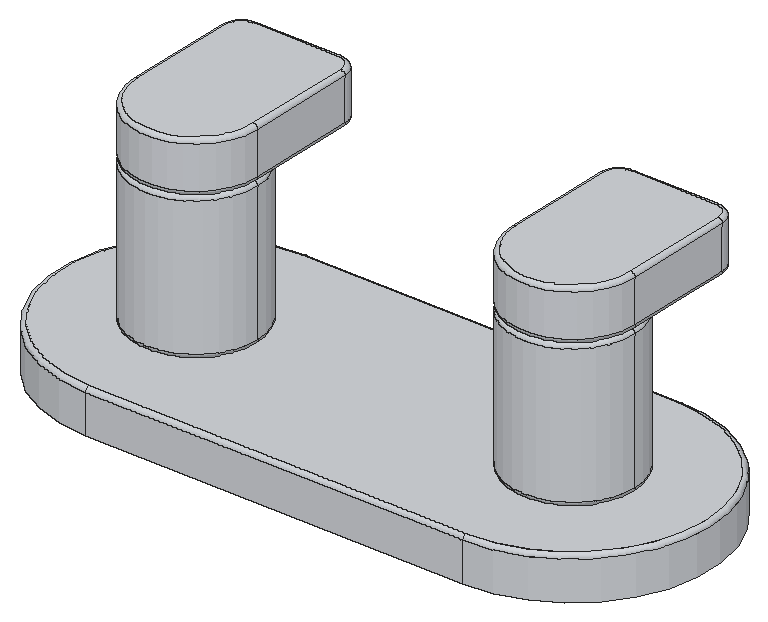
Revit family "Accessory-Robe_Hook-KOHLER-Composed-K-73146", category Specialty Equipment, host Face, Revit 2015
Parameters (values of type "CP-Polished Chrome")
  Width = 1 3/4"  # constant formula
  URL = "https://www.us.kohler.com/us/"
  Type = 1
  Product Page URL = "http://www.us.kohler.com/us/catalog/productDetails.jsp?productNumber=73146"
  Product Name = "Composed"  # constant formula
  Product Documentation Link = "http://www.us.kohler.com/onlinecatalog/pdf/K-73146_spec.pdf"
  Model = if(Type = 1, "K-73146-CP", if(Type = 2, "K-73146-TT", "NA"))  # "K-73146-CP"
  Material = "Premium Metal Construction"  # constant formula
  MasterFormat 2004 = "10.28.13"  # constant formula
  MasterFormat 1995 = "10820"  # constant formula
  Manufacturer Address = "444 Highland Dr, Kohler, WI 53044"  # constant formula
  Manufacturer = "KOHLER Co."  # constant formula
  Length = 4 3/4"  # constant formula
  Height = 2"  # constant formula
  Finish = Kohler-Metal-CP-Polished_Chrome
  Environmental Product Declaration = ""
  Description = "Double robe hook"  # constant formula
  Default Elevation = 42"
  Declare Label = ""
  Date Modified = "08/29/2018"  # constant formula
  Date Created = "08/29/2018"  # constant formula
  Copyright = "Copyright KOHLER Co."  # constant formula
  Contact Us = "https://www.us.kohler.com/us/static/contact.jsp"
  Assembly Code = "C1030200"
  ADA Compliant = 1 = 0  # no
Types (3): name | Type | Model | Finish
  (no name) | 1 | "K-73146-CP" | Kohler-Metal-CP-Polished_Chrome
  CP-Polished Chrome | 1 | "K-73146-CP" | Kohler-Metal-CP-Polished_Chrome
  TT-Titanium | 2 | "K-73146-TT" | Kohler-Metal-TT-Vibrant_Titanium
Reference planes (in)
  plane 1 "Center (Front/Back)": y = 0
  plane 2: z = 0
  plane 3 "Center (Left/Right)": x = 0
  plane 4: y = 1
  plane 5: y = -1
  plane 6: x = 2.37503
  plane 7: x = -2.37497
  plane 8: z = 1.75
Dimensions and locks (in)
  "Length": plane 7 to plane 6
  "Height": plane 5 to plane 4
  "Width": plane 2 to plane 8
  aligned and locked: plane 2 to host face
  aligned and locked: level to host face
Automatic sketch dimensions
  host sketch curve to host sketch curve = 96"  (x2)
Nested families (in)
  nested 1: "K-73146" at (0, 0, 0), type "K-73146"
Definition of nested family "K-73146"
  Parameters (values of type "K-73146")
    Material = none
  Reference planes (in)
    plane 1 "Center (Front/Back)": y = 0
    plane 2: z = 0
    plane 3 "Center (Left/Right)": x = 0
    plane 4: y = 1
    plane 5: y = -1
    plane 6: x = -2.375
    plane 7: x = 2.375
    plane 8: z = 1.75
  Forms (in)
    Sweep 1, solid, material <- "Material", detail levels medium+fine
      path origin (0, 0, 0) x (1, 0, 0) y (0, 1, 0)
        loop
          line (1.37503, 1) -> (-1.37503, 1)
          arc (-1.37503, 1) -> (-2.37503, 0) -> (-1.37503, -1) r 1
          line (-1.37503, -1) -> (1.37503, -1)
          arc (1.37503, -1) -> (2.37503, 0) -> (1.37503, 1) r 1
      profile origin (0, 1, 0) x (0, -1, 0) y (0, 0, 1)
        loop
          line (0.1605, 0) -> (0.1605, 0.31496) -> (0.03109, 0.31496)
          arc (0.03109, 0.31496) -> (0.00911, 0.30585) -> (0, 0.28387) r 0.03109
          line (0, 0.28387) -> (0, 0) -> (0.1605, 0)
    Extrusion 2, solid, material <- "Material", detail levels medium+fine
      sketch origin (0, 0, 0) x (1, 0, 0) y (0, 1, 0)
        loop
          arc (-1.37503, 0.8395) -> (-2.21453, 0) -> (-1.37503, -0.8395) r 0.8395
          line (-1.37503, -0.8395) -> (1.37503, -0.8395)
          arc (1.37503, -0.8395) -> (2.21453, 0) -> (1.37503, 0.8395) r 0.8395
          line (1.37503, 0.8395) -> (-1.37503, 0.8395)
      from 0 to 0.31496
    Revolve 3, solid, material <- "Material", detail levels medium+fine
      sketch origin (0, 0, 0) x (1, 0, 0) y (0, 0, 1)
        loop
          line (-1.37598, 1.37992) -> (-1.79556, 1.37992)
          arc (-1.79556, 1.37992) -> (-1.81763, 1.37078) -> (-1.82677, 1.34871) r 0.03121
          line (-1.82677, 1.34871) -> (-1.82677, 0.34643)
          arc (-1.82677, 0.34643) -> (-1.81756, 0.32418) -> (-1.79531, 0.31496) r 0.03147
          line (-1.79531, 0.31496) -> (-1.37598, 0.31496) -> (-1.37598, 1.37992)
        axis (-1.37598, 1.37992) -> (-1.37598, 0.31496)
      angle from 0 to 360
    Revolve 4, solid, material <- "Material", detail levels medium+fine
      sketch origin (0, 0, 0) x (1, 0, 0) y (0, 0, 1)
        loop
          line (1.37598, 1.37992) -> (0.95641, 1.37992)
          arc (0.95641, 1.37992) -> (0.93434, 1.37078) -> (0.9252, 1.34871) r 0.03121
          line (0.9252, 1.34871) -> (0.9252, 0.34643)
          arc (0.9252, 0.34643) -> (0.93441, 0.32418) -> (0.95666, 0.31496) r 0.03147
          line (0.95666, 0.31496) -> (1.37598, 0.31496) -> (1.37598, 1.37992)
        axis (1.37598, 1.37992) -> (1.37598, 0.31496)
      angle from 0 to 360
    Sweep 5, solid, material <- "Material", detail levels medium+fine
      path origin (0, 0, 0) x (-1, 0, 0) y (0, 1, 0)
        loop
          line (-1.82677, 0.79552) -> (-1.82677, -0.00029)
          arc (-1.82677, -0.00029) -> (-1.37598, -0.45107) -> (-0.9252, -0.00029) r 0.45079
          line (-0.9252, -0.00029) -> (-0.9252, 0.79644)
          arc (-0.9252, 0.79644) -> (-0.96867, 0.90141) -> (-1.07363, 0.94488) r 0.14844
          line (-1.07363, 0.94488) -> (-1.67741, 0.94488)
          arc (-1.67741, 0.94488) -> (-1.78302, 0.90114) -> (-1.82677, 0.79552) r 0.14936
      profile origin (1.37552, 0.94488, 0) x (0, 1, 0) y (0, 0, 1)
        loop
          arc (0, 1.71875) -> (-0.00915, 1.74085) -> (-0.03125, 1.75) r 0.03125
          line (-0.03125, 1.75) -> (-0.10665, 1.75) -> (-0.10665, 1.37992) -> (-0.03081, 1.37992)
          arc (-0.03081, 1.37992) -> (-0.00902, 1.38894) -> (0, 1.41072) r 0.03081
          line (0, 1.41072) -> (0, 1.71875)
    Extrusion 6, solid, material <- "Material", detail levels medium+fine
      sketch origin (0, 0, 0) x (1, 0, 0) y (0, 1, 0)
        loop
          arc (1.7504, 0.77741) -> (1.71923, 0.85266) -> (1.64397, 0.88383) r 0.10642
          line (1.64397, 0.88383) -> (1.07636, 0.88383)
          arc (1.07636, 0.88383) -> (1.02104, 0.86092) -> (0.99813, 0.8056) r 0.07823
          line (0.99813, 0.8056) -> (0.99813, 0.00176)
          arc (0.99813, 0.00176) -> (1.37426, -0.37437) -> (1.7504, 0.00176) r 0.37613
          line (1.7504, 0.00176) -> (1.7504, 0.77741)
      from 1.37992 to 1.75
    Sweep 7, solid, material <- "Material", detail levels medium+fine
      path origin (0, 0, 0) x (1, 0, 0) y (0, 1, 0)
        loop
          line (-1.82677, 0.79552) -> (-1.82677, -0.00029)
          arc (-1.82677, -0.00029) -> (-1.37598, -0.45107) -> (-0.9252, -0.00029) r 0.45079
          line (-0.9252, -0.00029) -> (-0.9252, 0.79644)
          arc (-0.9252, 0.79644) -> (-0.96867, 0.90141) -> (-1.07363, 0.94488) r 0.14844
          line (-1.07363, 0.94488) -> (-1.67741, 0.94488)
          arc (-1.67741, 0.94488) -> (-1.78302, 0.90114) -> (-1.82677, 0.79552) r 0.14936
      profile origin (-1.37552, 0.94488, 0) x (0, -1, 0) y (0, 0, 1)
        loop
          line (0, 1.71875) -> (0, 1.41072)
          arc (0, 1.41072) -> (0.00902, 1.38894) -> (0.03081, 1.37992) r 0.03081
          line (0.03081, 1.37992) -> (0.10665, 1.37992) -> (0.10665, 1.75) -> (0.03125, 1.75)
          arc (0.03125, 1.75) -> (0.00915, 1.74085) -> (0, 1.71875) r 0.03125
    Extrusion 8, solid, material <- "Material", detail levels medium+fine
      sketch origin (0, 0, 0) x (-1, 0, 0) y (0, -1, 0)
        loop
          line (1.7504, -0.77741) -> (1.7504, -0.00176)
          arc (1.7504, -0.00176) -> (1.37426, 0.37437) -> (0.99813, -0.00176) r 0.37613
          line (0.99813, -0.00176) -> (0.99813, -0.8056)
          arc (0.99813, -0.8056) -> (1.02104, -0.86092) -> (1.07636, -0.88383) r 0.07823
          line (1.07636, -0.88383) -> (1.64397, -0.88383)
          arc (1.64397, -0.88383) -> (1.71923, -0.85266) -> (1.7504, -0.77741) r 0.10642
      from 1.37992 to 1.75
    Extrusion 9, solid, material <- "Material", detail levels coarse
      sketch origin (0, 0, 0) x (1, 0, 0) y (0, 1, 0)
        loop
          line (1.37503, 1) -> (-1.37503, 1)
          arc (-1.37503, 1) -> (-2.37503, 0) -> (-1.37503, -1) r 1
          line (-1.37503, -1) -> (1.37503, -1)
          arc (1.37503, -1) -> (2.37503, 0) -> (1.37503, 1) r 1
      from 0 to 0.31496
    Extrusion 10, solid, material <- "Material", detail levels coarse
      sketch origin (0, 0, 0) x (0, 1, 0) y (0, 0, 1)
        loop
          line (0.9449, 1.75) -> (-0.45088, 1.75) -> (-0.45088, 0.31496) -> (0.45088, 0.31496) -> (0.45088, 1.37995) -> (0.9449, 1.37995) -> (0.9449, 1.75)
      from -1.82703 to -0.92257
    Extrusion 11, solid, material <- "Material", detail levels coarse
      sketch origin (0, 0, 0) x (0, 1, 0) y (0, 0, -1)
        loop
          line (0.9449, -1.75) -> (0.9449, -1.37995) -> (0.45088, -1.37995) -> (0.45088, -0.31496) -> (-0.45088, -0.31496) -> (-0.45088, -1.75) -> (0.9449, -1.75)
      from -1.82703 to -0.92257
  Cuts and joins
    joined: Sweep 1, Extrusion 2, Revolve 3, Revolve 4
    joined: Sweep 5, Extrusion 6
    joined: Sweep 7, Extrusion 8
    joined: Extrusion 9, Extrusion 10, Extrusion 11
  Lines and regions (in)
    Masking region 1
      outline origin (0, 0, 0) x (0, 1, 0) y (0, 0, 1)
        loop
          line (0.914, 1.75) -> (-0.42028, 1.75)
          arc (-0.42028, 1.75) -> (-0.44213, 1.74095) -> (-0.45118, 1.7191) r 0.0309
          line (-0.45118, 1.7191) -> (-0.45118, 1.41021)
          arc (-0.45118, 1.41021) -> (-0.44198, 1.38848) -> (-0.41997, 1.37997) r 0.03026
          arc (-0.41997, 1.37997) -> (-0.44189, 1.37025) -> (-0.45088, 1.34804) r 0.03191
          line (-0.45088, 1.34804) -> (-0.45088, 0.34722)
          arc (-0.45088, 0.34722) -> (-0.44143, 0.32441) -> (-0.41862, 0.31496) r 0.03226
          line (-0.41862, 0.31496) -> (-0.96933, 0.31496)
          arc (-0.96933, 0.31496) -> (-0.99102, 0.30598) -> (-1, 0.28429) r 0.03067
          line (-1, 0.28429) -> (-1, 0) -> (1, 0) -> (1, 0.28429)
          arc (1, 0.28429) -> (0.99102, 0.30598) -> (0.96933, 0.31496) r 0.03067
          line (0.96933, 0.31496) -> (0.41862, 0.31496)
          arc (0.41862, 0.31496) -> (0.44143, 0.32441) -> (0.45088, 0.34722) r 0.03226
          line (0.45088, 0.34722) -> (0.45088, 1.34804)
          arc (0.45088, 1.34804) -> (0.44153, 1.37061) -> (0.41897, 1.37995) r 0.03191
          line (0.41897, 1.37995) -> (0.91464, 1.37995)
          arc (0.91464, 1.37995) -> (0.93604, 1.38882) -> (0.9449, 1.41021) r 0.03026
          line (0.9449, 1.41021) -> (0.9449, 1.7191)
          arc (0.9449, 1.7191) -> (0.93585, 1.74095) -> (0.914, 1.75) r 0.0309
    Masking region 2
      outline origin (0, 0, 0) x (1, 0, 0) y (0, 0, 1)
        loop
          arc (-1.79691, 1.37997) -> (-1.81892, 1.38848) -> (-1.82812, 1.41021) r 0.03026
          line (-1.82812, 1.41021) -> (-1.82812, 1.7191)
          arc (-1.82812, 1.7191) -> (-1.81907, 1.74095) -> (-1.79722, 1.75) r 0.0309
          line (-1.79722, 1.75) -> (-0.95475, 1.75)
          arc (-0.95475, 1.75) -> (-0.9329, 1.74095) -> (-0.92385, 1.7191) r 0.0309
          line (-0.92385, 1.7191) -> (-0.92385, 1.41021)
          arc (-0.92385, 1.41021) -> (-0.93305, 1.38848) -> (-0.95506, 1.37997) r 0.03026
          arc (-0.95506, 1.37997) -> (-0.93314, 1.37025) -> (-0.92415, 1.34804) r 0.03191
          line (-0.92415, 1.34804) -> (-0.92415, 0.34722)
          arc (-0.92415, 0.34722) -> (-0.9336, 0.32441) -> (-0.95641, 0.31496) r 0.03226
          line (-0.95641, 0.31496) -> (0.95641, 0.31496)
          arc (0.95641, 0.31496) -> (0.9336, 0.32441) -> (0.92415, 0.34722) r 0.03226
          line (0.92415, 0.34722) -> (0.92415, 1.34804)
          arc (0.92415, 1.34804) -> (0.93314, 1.37025) -> (0.95506, 1.37994) r 0.03191
          arc (0.95506, 1.37994) -> (0.93305, 1.38848) -> (0.92385, 1.41021) r 0.03026
          line (0.92385, 1.41021) -> (0.92385, 1.7191)
          arc (0.92385, 1.7191) -> (0.9329, 1.74095) -> (0.95475, 1.75) r 0.0309
          line (0.95475, 1.75) -> (1.79722, 1.75)
          arc (1.79722, 1.75) -> (1.81907, 1.74095) -> (1.82812, 1.7191) r 0.0309
          line (1.82812, 1.7191) -> (1.82812, 1.41021)
          arc (1.82812, 1.41021) -> (1.81892, 1.38848) -> (1.79691, 1.37997) r 0.03026
        loop
          arc (1.794, 1.37995) -> (1.81656, 1.37061) -> (1.82591, 1.34804) r 0.03191
          line (1.82591, 1.34804) -> (1.82591, 0.34722)
          arc (1.82591, 0.34722) -> (1.81646, 0.32441) -> (1.79365, 0.31496) r 0.03226
          line (1.79365, 0.31496) -> (2.34436, 0.31496)
          arc (2.34436, 0.31496) -> (2.36605, 0.30598) -> (2.37503, 0.28429) r 0.03067
          line (2.37503, 0.28429) -> (2.37503, 0) -> (-2.37503, 0) -> (-2.37503, 0.28429)
          arc (-2.37503, 0.28429) -> (-2.36605, 0.30598) -> (-2.34436, 0.31496) r 0.03067
          line (-2.34436, 0.31496) -> (-1.79365, 0.31496)
          arc (-1.79365, 0.31496) -> (-1.81646, 0.32441) -> (-1.82591, 0.34722) r 0.03226
          line (-1.82591, 0.34722) -> (-1.82591, 1.34804)
          arc (-1.82591, 1.34804) -> (-1.81656, 1.37061) -> (-1.794, 1.37995) r 0.03191
    Masking region 3
      outline origin (0, 0, 0) x (1, 0, 0) y (0, 1, 0)
        loop
          arc (-1.37503, 1) -> (-2.37503, 0) -> (-1.37503, -1) r 1
          line (-1.37503, -1) -> (1.37503, -1)
          arc (1.37503, -1) -> (2.37503, 0) -> (1.37503, 1) r 1
          line (1.37503, 1) -> (-1.37503, 1)
    symbolic lines, detail levels medium+fine
      curve 1: line (0, 0.41897, 1.37995) -> (0, -0.41897, 1.37995)
      curve 2: line (0, 0.41862, 0.31496) -> (0, -0.41932, 0.31496)
      curve 3: line (-1.794, 0, 1.37995) -> (-0.95606, 0, 1.37995)
      curve 4: line (-1.79365, 0, 0.31496) -> (-0.95641, 0, 0.31496)
      curve 5: line (0.95506, 0, 1.37997) -> (1.79881, 0, 1.37997)
      curve 6: line (0.95666, 0, 0.31496) -> (1.79365, 0, 0.31496)
      curve 7: line (-1.82677, 0.79552, 0) -> (-1.82677, -0.00029, 0)
      curve 8: line (-0.9252, -0.00029, 0) -> (-0.9252, 0.79644, 0)
      curve 9: line (-1.07363, 0.94488, 0) -> (-1.67741, 0.94488, 0)
      curve 10: arc (-1.67741, 0.94488, 0) -> (-1.78302, 0.90114, 0) -> (-1.82677, 0.79552, 0) r 0.14936
      curve 11: arc (-0.9252, 0.79644, 0) -> (-0.96867, 0.90141, 0) -> (-1.07363, 0.94488, 0) r 0.14844
      curve 12: arc (-1.82677, -0.00029, 0) -> (-1.37598, -0.45107, 0) -> (-0.9252, -0.00029, 0) r 0.45079
      curve 13: line (1.82677, 0.79552, 0) -> (1.82677, -0.00029, 0)
      curve 14: line (0.9252, -0.00029, 0) -> (0.9252, 0.79644, 0)
      curve 15: line (1.07363, 0.94488, 0) -> (1.67741, 0.94488, 0)
      curve 16: arc (1.67741, 0.94488, 0) -> (1.78302, 0.90114, 0) -> (1.82677, 0.79552, 0) r 0.14936
      curve 17: arc (0.9252, 0.79644, 0) -> (0.96867, 0.90141, 0) -> (1.07363, 0.94488, 0) r 0.14844
      curve 18: arc (1.82677, -0.00029, 0) -> (1.37598, -0.45107, 0) -> (0.9252, -0.00029, 0) r 0.45079
  Dimensions and locks (in)
    plane 6 to plane 7 = 4 3/4"
    plane 5 to plane 4 = 2"
    plane 8 to plane 2 = 1 3/4"
    aligned and locked: plane 2 to level
